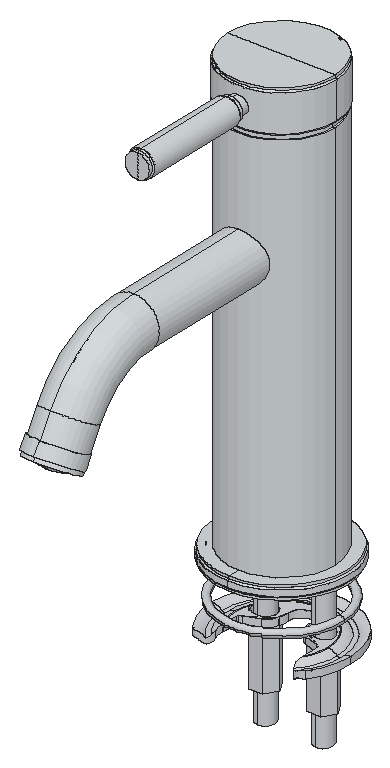
Revit family "Reece_Tap_Milli_Etch_Basin Mixer", category Plumbing Fixtures, host Face, Revit 2018
Family settings
  Host = Face
  Round Connector Dimension = Use Diameter
  Part Type = Normal
  Cut with Voids When Loaded = No
  Shared = Yes
  Room Calculation Point = Yes
Parameters (values of type "Brushed Nickel")
  WFU = 0  # constant formula
  URL = "https://www.reece.com.au/product/-21348"
  Type Comments = "Tap"
  Reece_Tap_Reach = 107 mm  # constant formula
  Reece_Tap_Inlet = 12 mm  # constant formula
  Reece_Tap_Clearance = 78 mm  # constant formula
  Reece_Product_Web Page = "https://www.reece.com.au/product/-21348"
  Reece_Product_Type = "Tap"
  Reece_Product_Sub Brand = "Etch"
  Reece_Product_Number = "21348"
  Reece_Product_Mount = "Hob Mounted"
  Reece_Product_Description = "Milli Etch Basin Mixer Tap Brushed Nickel (6 Star) Lead Free"
  Reece_Product_Brand = "Milli"
  Reece_Overall_Length = 140 mm  # constant formula
  Reece_Overall_Height = 168 mm  # constant formula
  Reece_Material_Secondary = Reece_Brass_Brushed Nickel_Knurl Pattern
  Reece_Material_Main = Reece_Brass_Brushed Nickel
  Reece_Detail_Installation = ""
  Reece_Detail_Disclaimer = "THIS FILE IS THE PROPERTY OF THE REECE GROUP. IT MAY NOT BE REPRODUCED, REVERSE-ENGINEERED, OR MODIFIED. ANY REPUBLICATION, TRANSMISSION, OR DISTRIBUTION FOR THE PURPOSE OF COMMERCIALLY EXPLOITING THE FILES IS PROHIBITED."  # constant formula
  Reece_Detail_Connector = ""
  Reece_Detail_Additional = "Basin Mixer"
  Model = "Etch"
  Manufacturer = "Milli"
  Keynote = "Product #21348, Reece_Tap_Milli_Etch_Basin Mixer - Brushed Nickel"
  HWFU = 0  # constant formula
  Disclaimer = "THIS FILE IS THE PROPERTY OF THE REECE GROUP. IT MAY NOT BE REPRODUCED, REVERSE-ENGINEERED, OR MODIFIED. ANY REPUBLICATION, TRANSMISSION, OR DISTRIBUTION FOR THE PURPOSE OF COMMERCIALLY EXPLOITING THE FILES IS PROHIBITED."  # constant formula
  Description = "Milli Etch Basin Mixer Tap Brushed Nickel (6 Star) Lead Free"
  Default Elevation = 1000 mm
  CWFU = 0  # constant formula
Types (6, lengths in mm): name | URL | Reece_Product_Web Page | Reece_Product_Number | Reece_Product_Description | Reece_Material_Secondary | Reece_Material_Main | Keynote | Description
  Brushed Gold | "https://www.reece.com.au/product/-21349" | "https://www.reece.com.au/product/-21349" | "21349" | "Milli Etch Basin Mixer Tap Brushed Gold (6 Star) Lead Free" | Reece_PVD_Brushed Gold_Knurl Pattern | Reece_PVD_Brushed Gold | "Product #21349, Reece_Tap_Milli_Etch_Basin Mixer - Brushed Gold" | "Milli Etch Basin Mixer Tap Brushed Gold (6 Star) Lead Free"
  Brushed Gunmetal | "https://www.reece.com.au/product/-21350" | "https://www.reece.com.au/product/-21350" | "21350" | "Milli Etch Basin Mixer Tap Brushed Gunmetal (6 Star) Lead Free" | Reece_Brass_Brushed Gunmetal_Knurl Pattern | Reece_Brass_Brushed Gunmetal | "Product #21350, Reece_Tap_Milli_Etch_Basin Mixer - Brushed Gunmetal" | "Milli Etch Basin Mixer Tap Brushed Gunmetal (6 Star) Lead Free"
  Brushed Nickel | "https://www.reece.com.au/product/-21348" | "https://www.reece.com.au/product/-21348" | "21348" | "Milli Etch Basin Mixer Tap Brushed Nickel (6 Star) Lead Free" | Reece_Brass_Brushed Nickel_Knurl Pattern | Reece_Brass_Brushed Nickel | "Product #21348, Reece_Tap_Milli_Etch_Basin Mixer - Brushed Nickel" | "Milli Etch Basin Mixer Tap Brushed Nickel (6 Star) Lead Free"
  Brushed Bronze | "https://www.reece.com.au/product/-21351" | "https://www.reece.com.au/product/-21351" | "21351" | "Milli Etch Basin Mixer Tap Brushed Bronze (6 Star) Lead Free" | Reece_PVD_Brushed Bronze_Knurl Pattern | Reece_PVD_Brushed Bronze | "Product #21351, Reece_Tap_Milli_Etch_Basin Mixer - Brushed Bronze" | "Milli Etch Basin Mixer Tap Brushed Bronze (6 Star) Lead Free"
  Matte Black | "https://www.reece.com.au/product/-21347" | "https://www.reece.com.au/product/-21347" | "21347" | "Milli Etch Basin Mixer Tap Matte Black (6 Star) Lead Free" | Reece_Brass_Matte Black_Knurl Pattern | Reece_Brass_Matte Black | "Product #21347, Reece_Tap_Milli_Etch_Basin Mixer - Matte Black" | "Milli Etch Basin Mixer Tap Matte Black (6 Star) Lead Free"
  Chrome | "https://www.reece.com.au/product/-21346" | "https://www.reece.com.au/product/-21346" | "21346" | "Milli Etch Basin Mixer Tap Chrome (6 Star) Lead Free" | Reece_Brass_Chrome_Knurl Pattern | Reece_Brass_Chrome | "Product #21346, Reece_Tap_Milli_Etch_Basin Mixer - Chrome" | "Milli Etch Basin Mixer Tap Chrome (6 Star) Lead Free"
Reference planes
  plane 1 "Center (Front/Back)": y = 0
  plane 2 "Bottom": z = 0
  plane 3 "Center (Left/Right)": x = 0
  plane 4: y = 24.973
  plane 5: z = 168
  plane 6: z = 78
  plane 7: y = -115.027
  plane 8: y = -107
  plane 9: through (0, -107.027, 78) normal (0, -0.866, 0.5)
Forms (mm)
  Revolve 1, solid, material "Reece_Brass_Brushed Nickel" <- "Reece_Material_Main"
    sketch origin (0, 0, 0) x (1, 0, 0) y (0, 0, 1)
      loop
        line (-20, 150.5) -> (-20, 5) -> (0, 5) -> (0, 160.281) -> (-19.2, 160.281) -> (-19.2, 150.5) -> (-20, 150.5)
      axis (0, 160.281) -> (0, 5)
    angle from 0 to 360
  Revolve 2, solid, material "Reece_Brass_Brushed Nickel" <- "Reece_Material_Main"
    sketch origin (0, 0, 5.5) x (1, 0, 0) y (0, 0, 1)
      loop
        line (0, 162.5) -> (-20, 162.5) -> (-20, 161.7) -> (-20.5, 161.1) -> (-17, 161.1) -> (-17, 147.4) -> (-20.5, 147.4) -> (-20, 146.8) -> (0, 146.8) -> (0, 162.5)
      axis (0, 146.8) -> (0, 162.5)
    angle from 0 to 360
  Revolve 3, solid, material "Reece_Brass_Brushed Nickel" <- "Reece_Material_Main"
    sketch origin (0, 0, 7.15) x (0, 1, 0) y (0, 0, 1)
      loop
        line (-18.524, 153) -> (-25.673, 153) -> (-25.673, 148) -> (-25.073, 148.5) -> (-23.873, 148.5) -> (-23.873, 149.476) -> (-18.524, 149.476) -> (-18.524, 153)
      loop
        line (-65.173, 153) -> (-66.973, 153) -> (-66.973, 148.5) -> (-65.773, 148.5) -> (-65.173, 148) -> (-65.173, 153)
      axis (-18.524, 153) -> (-66.973, 153)
    angle from 0 to 360
  Sweep 4, solid, material "Reece_Brass_Brushed Nickel" <- "Reece_Material_Main"
    path origin (0, 23, 0) x (0, 1, 0) y (0, 0, 1)
      loop
        line (-23, 109) -> (-91.668, 109)
        arc (-91.668, 109) -> (-109.168, 104.311) -> (-121.979, 91.5) r 35
        line (-121.979, 91.5) -> (-129.773, 78)
    profile origin (0, -34.334, 109) x (0, 0, -1) y (1, 0, 0)
      loop
        circle (0, 0) r 7.861
      loop
        circle (0, 0) r 9.5
  Revolve 5, solid, material "Reece_Brass_Brushed Nickel_Knurl Pattern" <- "Reece_Material_Secondary"
    sketch origin (0, 23, 0) x (0, 1, 0) y (0, 0, 1)
      loop
        line (-129.214, 79.409) -> (-120.553, 74.409) -> (-118.053, 78.739) -> (-126.714, 83.739) -> (-129.214, 79.409)
      axis (-126.714, 83.739) -> (-129.214, 79.409)
    angle from 0 to 360
  Extrusion 6, solid
    sketch origin (0, 0, 0) x (0, 1, 0) y (1, 0, 0)
      loop
        circle (6, 10.743) r 3.5
      loop
        circle (6, -10.743) r 3.5
    from 60 to 0
  Revolve 7, solid
    sketch origin (0, 0, -7.5) x (1, 0, 0) y (0, 0, 1)
      loop
        arc (-17.127, -16) -> (-19.041, -16.417) -> (-20.607, -17.592) r 4.6
        arc (-20.607, -17.592) -> (-21.5, -18) -> (-22.393, -17.592) r 1.18
        arc (-22.393, -17.592) -> (-23.926, -16.432) -> (-25.8, -16.001) r 4.6
        line (-25.8, -16.001) -> (-25.8, -18.5) -> (-24.2, -18.5)
        arc (-24.2, -18.5) -> (-21.5, -20) -> (-18.8, -18.5) r 3.18
        line (-18.8, -18.5) -> (-17.2, -18.5) -> (-17.2, -16.001)
      axis (0, -16) -> (0, -18.5)
    angle from 0 to 360
  Extrusion 8, void
    sketch origin (0, 0, -26) x (1, 0, 0) y (0, 1, 0)
      loop
        line (-15, -8.4) -> (-15, -11.9)
        arc (-15, -11.9) -> (-17.056, -15.277) -> (-21, -15) r 3.801
        line (-21, -15) -> (-27.6, -15) -> (-27.6, -34.6) -> (0, -34.6) -> (27.6, -34.6) -> (27.6, -15) -> (21, -15)
        arc (21, -15) -> (17.056, -15.277) -> (15, -11.9) r 3.801
        line (15, -11.9) -> (15, -8.4) -> (-15, -8.4)
    from 8.9 to -9.664
  Revolve 9, solid, material "Reece_Brass_Brushed Nickel_Knurl Pattern" <- "Reece_Material_Secondary"
    sketch origin (0, 0, 5.5) x (1, 0, 0) y (0, 0, 1)
      loop
        line (-20.5, 161.1) -> (-20.5, 147.4) -> (0, 147.4) -> (0, 161.1) -> (-20.5, 161.1)
      axis (0, 147.4) -> (0, 161.1)
    angle from 0 to 360
  Revolve 10, solid, material "Reece_Brass_Brushed Nickel_Knurl Pattern" <- "Reece_Material_Secondary"
    sketch origin (0, 0, 7.15) x (0, 1, 0) y (0, 0, 1)
      loop
        line (-65.173, 153) -> (-25.673, 153) -> (-25.673, 158.027) -> (-65.173, 158.027) -> (-65.173, 153)
      axis (-25.673, 153) -> (-65.173, 153)
    angle from 0 to 360
  Extrusion 11, solid
    sketch origin (0, 0, 0) x (1, 0, 0) y (0, 1, 0)
      loop
        circle (-10.743, 6) r 3.5
      loop
        line (-5.543, 6) -> (-8.143, 10.503) -> (-13.343, 10.503) -> (-15.943, 6) -> (-13.343, 1.497) -> (-8.143, 1.497) -> (-5.543, 6)
      loop
        circle (10.743, 6) r 3.5
      loop
        line (15.943, 6) -> (13.343, 10.503) -> (8.143, 10.503) -> (5.543, 6) -> (8.143, 1.497) -> (13.343, 1.497) -> (15.943, 6)
    from -48.5 to -26
  Extrusion 12, solid
    sketch origin (0.009, 0, 0) x (1, 0, 0) y (0, 1, 0)
      loop
        arc (-17.2, 0) -> (-16.643, -4.34) -> (-15.009, -8.4) r 17.2
        line (-15.009, -8.4) -> (-15.009, -2.598)
        arc (-15.009, -2.598) -> (-14.617, -1.409) -> (-13.595, -0.686) r 2
        line (-13.595, -0.686) -> (-6.814, 3.229)
        arc (-6.814, 3.229) -> (-4.792, 5.425) -> (-4.382, 8.382) r 5
        arc (-4.382, 8.382) -> (0, 13.556) -> (4.382, 8.382) r 4.443
        arc (4.382, 8.382) -> (4.792, 5.425) -> (6.814, 3.229) r 5
        line (6.814, 3.229) -> (13.595, -0.686)
        arc (13.595, -0.686) -> (14.617, -1.409) -> (15.009, -2.598) r 2
        line (15.009, -2.598) -> (15.009, -8.4)
        arc (15.009, -8.4) -> (16.643, -4.34) -> (17.2, 0) r 17.2
        arc (17.2, 0) -> (0, 17.2) -> (-17.2, 0) r 17.2
      loop
        line (-12.14, 9.204) -> (-13.722, 8.291)
        arc (-13.722, 8.291) -> (-15.003, 3.51) -> (-10.222, 2.229) r 3.5
        line (-10.222, 2.229) -> (-8.64, 3.142)
        arc (-8.64, 3.142) -> (-7.359, 7.923) -> (-12.14, 9.204) r 3.5
      loop
        arc (12.14, 9.204) -> (7.359, 7.923) -> (8.64, 3.142) r 3.5
        line (8.64, 3.142) -> (10.222, 2.229)
        arc (10.222, 2.229) -> (15.003, 3.51) -> (13.722, 8.291) r 3.5
        line (13.722, 8.291) -> (12.14, 9.204)
    from -23.5 to -26
  Revolve 13, solid
    sketch origin (0, 0, 0) x (1, 0, 0) y (0, 0, 1)
      loop
        circle (-22, -12.598) r 1.3
      axis (0, -12.598) -> (0, -13.598)
    angle from 0 to 360
  Extrusion 14, void
    sketch origin (0, 0, 0) x (1, 0, 0) y (0, 1, 0)
      loop
        circle (-10.743, 6) r 3.5
      loop
        circle (10.743, 6) r 3.5
      loop
        circle (7.191, -5.721) r 6.7
      loop
        circle (-7.191, -5.721) r 6.7
    from 4.469 to 0
  Extrusion 15, solid
    sketch origin (0, 0, -26) x (0, 1, 0) y (1, 0, 0)
      loop
        arc (-8.417, -15) -> (17.2, 0) -> (-8.417, 15) r 17.2
        line (-8.417, 15) -> (-2.83, 15)
        arc (-2.83, 15) -> (-1.68, 14.638) -> (-0.946, 13.681) r 2.004
        line (-0.946, 13.681) -> (1.021, 8.277)
        arc (1.021, 8.277) -> (2.606, 6.074) -> (5.11, 5.025) r 5
        line (5.11, 5.025) -> (9.672, 4.465)
        arc (9.672, 4.465) -> (13.622, 0) -> (9.672, -4.465) r 4.498
        line (9.672, -4.465) -> (5.11, -5.025)
        arc (5.11, -5.025) -> (2.606, -6.074) -> (1.021, -8.277) r 5
        line (1.021, -8.277) -> (-1.001, -13.832)
        arc (-1.001, -13.832) -> (-1.44, -14.535) -> (-2.127, -15) r 2
        line (-2.127, -15) -> (-8.417, -15)
      loop
        line (2.677, -9.644) -> (2.335, -10.584)
        arc (2.335, -10.584) -> (4.512, -14.989) -> (8.948, -12.876) r 3.5
        line (8.948, -12.876) -> (9.523, -11.293)
        arc (9.523, -11.293) -> (7.565, -6.747) -> (3.019, -8.704) r 3.5
        line (3.019, -8.704) -> (2.677, -9.644)
      loop
        line (2.677, 9.644) -> (3.019, 8.704)
        arc (3.019, 8.704) -> (7.565, 6.747) -> (9.523, 11.293) r 3.5
        line (9.523, 11.293) -> (8.948, 12.876)
        arc (8.948, 12.876) -> (4.512, 14.989) -> (2.335, 10.584) r 3.5
        line (2.335, 10.584) -> (2.677, 9.644)
    from 0 to -2.5
  Revolve 16, solid, material "Reece_Brass_Brushed Nickel" <- "Reece_Material_Main"
    sketch origin (0, 0, 0) x (0, 1, 0) y (0, 0, 1)
      loop
        line (-99.434, 73.763) -> (-98.708, 75.019) -> (-106.047, 79.257) -> (-107.446, 76.834)
        arc (-107.446, 76.834) -> (-104.275, 75.395) -> (-100.884, 74.6) r 17.839
        line (-100.884, 74.6) -> (-99.434, 73.763)
      axis (-106.047, 79.257) -> (-107.446, 76.834)
    angle from 0 to 360
  Extrusion 17, void
    sketch origin (0, 0, 0) x (0, 1, 0) y (0, 0, 1)
      loop
        line (-105.907, 77.5) -> (-107.639, 78.5) -> (-109.528, 75.227) -> (-107.796, 74.227) -> (-105.907, 77.5)
    from 20 to -20.015
  Extrusion 18, void
    sketch origin (0, 0, 0) x (1, 0, 0) y (0, 1, 0)
      loop
        circle (0, 0) r 23.583
    from 0 to -80
  Revolve 19, solid, material "Reece_Brass_Brushed Nickel" <- "Reece_Material_Main"
    sketch origin (0, 0, 0) x (0, 1, 0) y (0, 0, 1)
      loop
        line (0, 5) -> (-24.5, 5) -> (-24.5, 4.2) -> (-25.1, 3.6) -> (-22.1, 3.6) -> (-22.1, 1.4) -> (-25.1, 1.4) -> (-24.5, 0.8) -> (-24.5, 0) -> (0, 0) -> (0, 5)
      axis (0, 5) -> (0, 0)
    angle from 0 to 360
  Revolve 20, solid, material "Reece_Brass_Brushed Nickel_Knurl Pattern" <- "Reece_Material_Secondary"
    sketch origin (0, 0, 0) x (0, 1, 0) y (0, 0, 1)
      loop
        line (-22.1, 3.6) -> (-25.1, 3.6) -> (-25.1, 1.4) -> (-22.1, 1.4) -> (-22.1, 3.6)
      axis (0, 3.6) -> (0, 1.4)
    angle from 0 to 360
Cuts and joins
  Extrusion 8 cuts Revolve 7
  Extrusion 14 cuts Extrusion 6
  Extrusion 14 cuts Revolve 1
  Extrusion 14 cuts Revolve 2
  Extrusion 14 cuts Revolve 3
  Extrusion 14, Extrusion 17 cuts Sweep 4
  Extrusion 14, Extrusion 17 cuts Revolve 16
  Extrusion 14 cuts Revolve 19
  joined: Revolve 1, Revolve 2, Revolve 3, Sweep 4, Revolve 16, Revolve 19
  joined: Revolve 5, Revolve 9, Revolve 10
Text (mm)
  text "Reece ©" at (-376.789, -229.394, 0), in view "Ref. Level"
  text "Reece ©" at (44.384, 258.95, 192.345), in view "Reece Preview"
Dimensions and locks
  "Reece_Tap_Clearance": plane 6 to level
  "Reece_Overall_Length": plane 4 to plane 7
  "Reece_Overall_Height": level to plane 5
  "Reece_Tap_Reach": plane 1 "Center (Front/Back)" to plane 8
  aligned and locked: plane 2 "Bottom" to host face
  aligned and locked: level to host face
  aligned and locked: host face to Extrusion 18
Automatic sketch dimensions
  host sketch curve to host sketch curve = 380.785 mm
  host sketch curve to host sketch curve = 317.421 mm
  Sweep 4 sketch curve to Sweep 4 sketch curve = 0 mm  (x2)
  Sweep 4 sketch curve to profile plane = 0 mm  (x2)
  Extrusion 6 sketch curve to Extrusion 6 sketch curve = 21.485 mm
  Revolve 7 sketch curve to Revolve 7 sketch curve = 0 mm  (x4)
  Revolve 7 sketch curve to plane 3 "Center (Left/Right)" = 0 mm
  Revolve 7 sketch curve to plane 3 "Center (Left/Right)" = 17.127 mm
  Revolve 7 sketch curve to Revolve 7 sketch curve = 0.073 mm  (x2)
  Revolve 7 sketch curve to Revolve 7 sketch curve = 1.6 mm  (x2)
  Revolve 7 sketch curve to Revolve 7 sketch curve = 2.7 mm  (x2)
  Revolve 7 sketch curve to level = 28.1 mm
  Revolve 7 sketch curve to Revolve 7 sketch curve = 2.1 mm
  Revolve 7 sketch curve to Revolve 7 sketch curve = 1.68 mm
  Revolve 7 sketch curve to Revolve 7 sketch curve = 2.499 mm
  Revolve 7 sketch curve to Revolve 7 sketch curve = 0.893 mm
  Revolve 7 sketch curve to Revolve 7 sketch curve = 0.4 mm
  Revolve 7 sketch curve to Revolve 7 sketch curve = 5 mm
  Extrusion 8 sketch curve to Revolve 7 = 34.6 mm
  Extrusion 8 sketch curve to Extrusion 8 sketch curve = 6.6 mm  (x4)
  Extrusion 8 sketch curve to Extrusion 8 sketch curve = 2.199 mm  (x2)
  Extrusion 8 sketch curve to Extrusion 8 sketch curve = 3.801 mm  (x2)
  Extrusion 8 sketch curve to Extrusion 8 sketch curve = 15 mm
  Extrusion 8 sketch curve to Revolve 7 = 8.4 mm
  Extrusion 8 sketch curve to Extrusion 8 sketch curve = 30 mm
  Revolve 9 sketch curve to plane 3 "Center (Left/Right)" = 0 mm  (x2)
  Revolve 9 sketch curve to Revolve 9 sketch curve = 20.5 mm
  plane 5 to Revolve 9 sketch curve = 15.1 mm
  plane 5 to Revolve 9 sketch curve = 1.4 mm
  Revolve 9 sketch curve to Revolve 9 sketch curve = 4.044 mm
  Revolve 9 sketch curve to Revolve 9 sketch curve = 1.105 mm
  Extrusion 11 sketch curve to Extrusion 11 sketch curve = 0 mm  (x5)
  Extrusion 11 sketch curve to plane 1 "Center (Front/Back)" = 6 mm  (x2)
  Extrusion 11 sketch curve to plane 3 "Center (Left/Right)" = 15.943 mm
  Extrusion 11 sketch curve to Extrusion 11 sketch curve = 2.6 mm  (x12)
  Extrusion 11 sketch curve to plane 1 "Center (Front/Back)" = 1.497 mm  (x2)
  plane 3 "Center (Left/Right)" to Extrusion 11 sketch curve = 5.543 mm
  Extrusion 11 sketch curve to Extrusion 11 sketch curve = 4.503 mm  (x5)
  Extrusion 11 sketch curve to plane 1 "Center (Front/Back)" = 2.5 mm  (x2)
  Extrusion 12 sketch curve to Extrusion 12 sketch curve = 0 mm  (x7)
  plane 1 "Center (Front/Back)" to Extrusion 12 sketch curve = 0 mm
  plane 1 "Center (Front/Back)" to Extrusion 12 sketch curve = 2.598 mm  (x2)
  Extrusion 12 sketch curve to plane 3 "Center (Left/Right)" = 15 mm
  Extrusion 12 sketch curve to Extrusion 12 sketch curve = 1.288 mm
  plane 1 "Center (Front/Back)" to Extrusion 12 sketch curve = 0.686 mm  (x2)
  Extrusion 12 sketch curve to Extrusion 12 sketch curve = 1.414 mm
  Extrusion 12 sketch curve to Extrusion 12 sketch curve = 1.582 mm  (x6)
  Extrusion 12 sketch curve to Extrusion 12 sketch curve = 1.75 mm  (x2)
  Extrusion 12 sketch curve to plane 1 "Center (Front/Back)" = 2.229 mm  (x2)
  Extrusion 12 sketch curve to Extrusion 12 sketch curve = 1.076 mm  (x2)
  Extrusion 12 sketch curve to plane 1 "Center (Front/Back)" = 3.142 mm
  Extrusion 12 sketch curve to plane 1 "Center (Front/Back)" = 3.229 mm  (x2)
  Extrusion 12 sketch curve to Extrusion 12 sketch curve = 1.826 mm  (x2)
  plane 3 "Center (Left/Right)" to Extrusion 12 sketch curve = 0.009 mm  (x2)
  plane 3 "Center (Left/Right)" to Extrusion 12 sketch curve = 6.823 mm
  Extrusion 12 sketch curve to Extrusion 12 sketch curve = 0.674 mm
  Extrusion 12 sketch curve to Extrusion 12 sketch curve = 2.826 mm
  Extrusion 12 sketch curve to Extrusion 12 sketch curve = 2.788 mm
  Extrusion 12 sketch curve to Extrusion 12 sketch curve = 0.586 mm
  Extrusion 12 sketch curve to plane 1 "Center (Front/Back)" = 8.291 mm
  Extrusion 12 sketch curve to Extrusion 12 sketch curve = 5.802 mm
  Extrusion 12 sketch curve to Extrusion 12 sketch curve = 0.913 mm  (x3)
  Extrusion 12 sketch curve to Extrusion 12 sketch curve = 3.031 mm
  Extrusion 12 sketch curve to Extrusion 12 sketch curve = 1.386 mm  (x2)
  Extrusion 12 sketch curve to Extrusion 12 sketch curve = 5.884 mm
  plane 3 "Center (Left/Right)" to Revolve 13 sketch curve = 0 mm
  Revolve 13 sketch curve to plane 3 "Center (Left/Right)" = 22 mm
  Revolve 13 sketch curve to level = 12.598 mm
  Revolve 13 sketch curve to Revolve 13 sketch curve = 440.332 mm
  Revolve 13 sketch curve to plane 5 = 2277.244 mm
  Extrusion 14 sketch curve to Extrusion 14 sketch curve = 0 mm  (x4)
  Extrusion 14 sketch curve to plane 3 "Center (Left/Right)" = 10.743 mm
  Extrusion 14 sketch curve to plane 3 "Center (Left/Right)" = 7.191 mm
  plane 3 "Center (Left/Right)" to Extrusion 14 sketch curve = 7.191 mm
  plane 3 "Center (Left/Right)" to Extrusion 14 sketch curve = 10.743 mm
  plane 1 "Center (Front/Back)" to Extrusion 14 sketch curve = 5.721 mm  (x2)
  Extrusion 14 sketch curve to plane 1 "Center (Front/Back)" = 6 mm  (x2)
  Extrusion 14 sketch curve to plane 1 "Center (Front/Back)" = 2.5 mm  (x2)
  Extrusion 15 sketch curve to Revolve 7 = 0.946 mm
  Extrusion 15 sketch curve to Revolve 7 = 1.001 mm
  Extrusion 15 sketch curve to Extrusion 15 sketch curve = 1.125 mm
  Extrusion 15 sketch curve to Extrusion 15 sketch curve = 1.884 mm
  Extrusion 15 sketch curve to Extrusion 15 sketch curve = 0.754 mm
  Extrusion 15 sketch curve to Extrusion 15 sketch curve = 5.587 mm
  Extrusion 15 sketch curve to Extrusion 15 sketch curve = 5.536 mm
  Revolve 7 to Extrusion 15 sketch curve = 1.021 mm  (x2)
  Revolve 7 to Extrusion 15 sketch curve = 2.335 mm  (x2)
  Extrusion 15 sketch curve to Extrusion 15 sketch curve = 0.342 mm  (x4)
  Extrusion 15 sketch curve to Extrusion 15 sketch curve = 2.091 mm  (x2)
  Extrusion 15 sketch curve to Extrusion 15 sketch curve = 3.323 mm  (x2)
  Extrusion 15 sketch curve to Extrusion 15 sketch curve = 0.061 mm  (x2)
  Extrusion 15 sketch curve to Extrusion 15 sketch curve = 0.552 mm  (x2)
  Extrusion 15 sketch curve to Extrusion 15 sketch curve = 3.29 mm  (x2)
  Extrusion 15 sketch curve to Extrusion 15 sketch curve = 4.014 mm
  Extrusion 15 sketch curve to Extrusion 15 sketch curve = 0.575 mm  (x2)
  Extrusion 15 sketch curve to Extrusion 15 sketch curve = 0.548 mm  (x2)
  Extrusion 15 sketch curve to Extrusion 15 sketch curve = 1.319 mm
  Extrusion 15 sketch curve to Extrusion 15 sketch curve = 0.805 mm
  Extrusion 15 sketch curve to Extrusion 15 sketch curve = 1.194 mm
  Extrusion 15 sketch curve to Extrusion 15 sketch curve = 1.583 mm
  Extrusion 15 sketch curve to Extrusion 15 sketch curve = 1.683 mm
  Extrusion 15 sketch curve to Extrusion 15 sketch curve = 0.011 mm  (x2)
  Extrusion 15 sketch curve to Extrusion 15 sketch curve = 0.94 mm  (x3)
  Extrusion 15 sketch curve to Extrusion 15 sketch curve = 0.427 mm  (x2)
  Extrusion 15 sketch curve to Extrusion 15 sketch curve = 0.56 mm  (x2)
  Extrusion 15 sketch curve to Extrusion 15 sketch curve = 4.465 mm
  Extrusion 15 sketch curve to Extrusion 15 sketch curve = 3.253 mm
  Extrusion 15 sketch curve to Extrusion 15 sketch curve = 1.695 mm
  Extrusion 15 sketch curve to Extrusion 15 sketch curve = 1.852 mm
  Revolve 16 sketch curve to plane 6 = 0 mm
  plane 8 to Revolve 16 sketch curve = 0.446 mm
  Revolve 16 sketch curve to plane 8 = 0.953 mm
  Revolve 16 sketch curve to plane 8 = 6.116 mm
  Revolve 16 sketch curve to Revolve 16 sketch curve = 1.45 mm
  Revolve 16 sketch curve to plane 6 = 2.981 mm
  Revolve 16 sketch curve to Revolve 16 sketch curve = 0.726 mm
  Revolve 16 sketch curve to plane 8 = 8.473 mm
  Revolve 16 sketch curve to Revolve 16 sketch curve = 0.419 mm
  plane 8 to Revolve 16 sketch curve = 1.711 mm
  Revolve 16 sketch curve to plane 8 = 0.227 mm
  Revolve 16 sketch curve to Revolve 16 sketch curve = 2.191 mm
  plane 8 to Extrusion 17 sketch curve = 2.528 mm
  plane 8 to Extrusion 17 sketch curve = 0.796 mm
  plane 8 to Extrusion 17 sketch curve = 0.639 mm
  Extrusion 17 sketch curve to plane 6 = 3.773 mm
  Extrusion 17 sketch curve to Extrusion 17 sketch curve = 1 mm
  plane 1 "Center (Front/Back)" to Extrusion 18 sketch curve = 0 mm
  Extrusion 18 sketch curve to plane 3 "Center (Left/Right)" = 0 mm
  Sweep 4 sketch curve to plane 6 = 0 mm
  Sweep 4 sketch curve to plane 1 "Center (Front/Back)" = 0 mm
  Sweep 4 sketch curve to plane 6 = 4 mm
  Sweep 4 sketch curve to plane 8 = 38.332 mm
  Sweep 4 sketch curve to plane 8 = 8.021 mm
  Sweep 4 sketch curve to plane 8 = 0.227 mm
  plane 6 to Sweep 4 sketch curve = 13.5 mm
  plane 5 to Revolve 10 sketch curve = 2.823 mm
  Revolve 10 sketch curve to plane 8 = 41.827 mm
  plane 5 to Revolve 10 sketch curve = 7.85 mm  (x2)
  plane 1 "Center (Front/Back)" to Revolve 10 sketch curve = 25.673 mm
  plane 7 to Revolve 10 sketch curve = 1484.033 mm
  Revolve 10 sketch curve to plane 4 = 1694.042 mm
  Revolve 3 sketch curve to Revolve 3 sketch curve = 1.2 mm  (x2)
  Revolve 3 sketch curve to Revolve 3 sketch curve = 1.8 mm
  Revolve 3 sketch curve to Revolve 3 sketch curve = 0.5 mm  (x2)
  Revolve 3 sketch curve to Revolve 3 sketch curve = 4.5 mm
  Revolve 3 sketch curve to Revolve 3 sketch curve = 3.524 mm
  plane 5 to Revolve 3 sketch curve = 7.85 mm  (x2)
  plane 7 to Revolve 3 sketch curve = 1484.033 mm
  plane 5 to Revolve 3 sketch curve = 12.35 mm
  Revolve 3 sketch curve to plane 4 = 1694.042 mm
  Revolve 3 sketch curve to plane 8 = 40.027 mm
  plane 1 "Center (Front/Back)" to Revolve 3 sketch curve = 25.673 mm
  Revolve 3 sketch curve to Revolve 3 sketch curve = 0.6 mm
  Revolve 3 sketch curve to Revolve 3 sketch curve = 0.976 mm
  Revolve 3 sketch curve to Revolve 3 sketch curve = 5.349 mm
  Revolve 5 sketch curve to plane 9 = 0 mm  (x4)
  Revolve 5 sketch curve to plane 8 = 0.786 mm
  plane 8 to Revolve 5 sketch curve = 0.014 mm
  plane 8 to Revolve 5 sketch curve = 2.13 mm
  plane 6 to Revolve 5 sketch curve = 0.739 mm
  Revolve 5 sketch curve to Revolve 5 sketch curve = 2.5 mm
  Revolve 1 sketch curve to plane 3 "Center (Left/Right)" = 0 mm
  plane 3 "Center (Left/Right)" to Revolve 1 sketch curve = 0 mm
  Revolve 1 sketch curve to Revolve 1 sketch curve = 9.781 mm
  plane 5 to Revolve 1 sketch curve = 7.719 mm
  Revolve 1 sketch curve to level = 452.931 mm
  Revolve 1 sketch curve to plane 5 = 2274.744 mm
  Revolve 1 sketch curve to Revolve 1 sketch curve = 0.8 mm
  level to Revolve 1 sketch curve = 5 mm
  Extrusion 6 sketch curve to plane 1 "Center (Front/Back)" = 6 mm  (x2)
  plane 3 "Center (Left/Right)" to Extrusion 6 sketch curve = 10.743 mm
  level to Revolve 19 sketch curve = 0 mm
  Revolve 19 sketch curve to plane 1 "Center (Front/Back)" = 0 mm  (x2)
  level to Revolve 19 sketch curve = 1.4 mm
  plane 1 "Center (Front/Back)" to Revolve 19 sketch curve = 22.1 mm
  Revolve 19 sketch curve to Revolve 19 sketch curve = 2.4 mm  (x2)
  level to Revolve 19 sketch curve = 3.6 mm
  Revolve 19 sketch curve to Revolve 19 sketch curve = 0.6 mm  (x3)
  Revolve 19 sketch curve to Revolve 19 sketch curve = 0.8 mm  (x2)
  Revolve 19 sketch curve to level = 5.656 mm
  Revolve 19 sketch curve to Revolve 19 sketch curve = 6.955 mm
  Revolve 20 sketch curve to plane 1 "Center (Front/Back)" = 0 mm
  level to Revolve 20 sketch curve = 3.6 mm
  plane 1 "Center (Front/Back)" to Revolve 20 sketch curve = 22.1 mm
  level to Revolve 20 sketch curve = 1.4 mm
  Revolve 20 sketch curve to Revolve 20 sketch curve = 3 mm
  Revolve 20 sketch curve to level = 2.51 mm
  Revolve 20 sketch curve to Revolve 20 sketch curve = 5 mm
  Revolve 2 sketch curve to plane 5 = 0 mm
  Revolve 2 sketch curve to plane 3 "Center (Left/Right)" = 0 mm  (x2)
  Revolve 2 sketch curve to plane 3 "Center (Left/Right)" = 17 mm
  plane 5 to Revolve 2 sketch curve = 0.8 mm
  Revolve 2 sketch curve to Revolve 2 sketch curve = 0 mm
  Revolve 2 sketch curve to Revolve 2 sketch curve = 0.5 mm  (x2)
  plane 5 to Revolve 2 sketch curve = 1.4 mm
  Revolve 2 sketch curve to Revolve 2 sketch curve = 0.6 mm
  Revolve 2 sketch curve to Revolve 2 sketch curve = 3 mm
  Revolve 2 sketch curve to Revolve 2 sketch curve = 13.7 mm
  Revolve 2 sketch curve to Revolve 2 sketch curve = 2.283 mm
  Revolve 2 sketch curve to Revolve 2 sketch curve = 4.017 mm
  Revolve 1 sketch curve to plane 3 "Center (Left/Right)" = 19.2 mm
  radius of Sweep 4 sketch curve = 7.861 mm
  radius of Sweep 4 sketch curve = 9.5 mm
  radius of Extrusion 6 sketch curve = 3.5 mm  (x2)
  radius of Revolve 13 sketch curve = 1.3 mm
  radius of Extrusion 14 sketch curve = 6.7 mm  (x2)
  radius of Extrusion 15 sketch curve to Revolve 7 = 0 mm
  radius of Extrusion 18 sketch curve = 23.583 mm
Connectors
  piping at (-7.191, -5.721, 4.469), diameter 12, driven by "Reece_Tap_Inlet"
    settings: on cut or joined group of Revolve 1, Revolve 2, Revolve 3, Sweep 4, Extrusion 14, Revolve 16, Extrusion 17, Revolve 19, index 1, connector inside diameter 609.6 mm, connector length 0 mm, flow factor 0, pipe flow 0.0 L/s, pressure drop 0.0 Pa, fitting loss kfactor 0, connector angle 0.00°, fixture units 0, engagement length 0 mm, angle of deflection 0.00°, flow configuration 0, flow direction 1, fitting loss method 0, system type 29, joint type 0, gender type 0, connector reference index -1, connector utility 0, adjustable connector no, is connector primary yes, connector description ""
  piping at (7.191, -5.721, 4.469), diameter 12, driven by "Reece_Tap_Inlet"
    settings: on cut or joined group of Revolve 1, Revolve 2, Revolve 3, Sweep 4, Extrusion 14, Revolve 16, Extrusion 17, Revolve 19, index 2, connector inside diameter 609.6 mm, connector length 0 mm, flow factor 0, pipe flow 0.0 L/s, pressure drop 0.0 Pa, fitting loss kfactor 0, connector angle 0.00°, fixture units 0, engagement length 0 mm, angle of deflection 0.00°, flow configuration 0, flow direction 1, fitting loss method 0, system type 29, joint type 0, gender type 0, connector reference index -1, connector utility 0, adjustable connector no, is connector primary no, connector description ""
